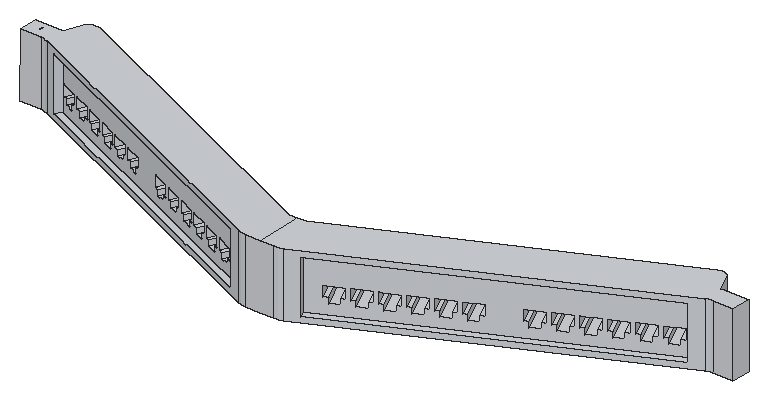
Revit family
Parameters (values of type "TEXT")
  Material ID = "760151324"
  Description = "SYSTIMAX 360 GigaSPEED X10D 1100GS6 Evolve Angled U/UTP Patch Panel, 24 port"
Reference planes (in)
  plane 1 "Center (Front/Back)": y = 0
  plane 2: z = 0
  plane 3 "Center (Left/Right)": x = 0
  plane 4: x = 0
Forms (in)
  Extrusion 1, solid
    sketch origin (0, 0, 0) x (1, 0, 0) y (0, 0, 1)
      loop
        line (0, 1.72) -> (-9.5, 1.72) -> (-9.5, 0) -> (0, 0) -> (9.5, 0) -> (9.5, 1.72) -> (0, 1.72)
    from 0 to 5
  Extrusion 2, void
    sketch origin (0, 0, 0) x (1, 0, 0) y (0, 1, 0)
      loop
        line (0, -3.75) -> (0.22211, -3.75) -> (8.20539, -0.02733)
        arc (8.20539, -0.02733) -> (8.4054, -0.01671) -> (8.56751, -0.13432) r 0.3
        line (8.56751, -0.13432) -> (8.78, -0.59) -> (10.67789, -0.59) -> (10.67789, 1.58554) -> (-10.07211, 1.58554) -> (-10.07211, -0.59) -> (-8.78, -0.59) -> (-8.56751, -0.13432)
        arc (-8.56751, -0.13432) -> (-8.4054, -0.01671) -> (-8.20539, -0.02733) r 0.3
        line (-8.20539, -0.02733) -> (-0.22211, -3.75) -> (0, -3.75)
      loop
        line (0, -5) -> (-0.37185, -5)
        arc (-0.37185, -5) -> (-0.49223, -4.98735) -> (-0.60735, -4.94994) r 0.57899
        line (-0.60735, -4.94994) -> (-8.77297, -1.14225)
        arc (-8.77297, -1.14225) -> (-8.86654, -1.11064) -> (-8.96473, -1.1) r 0.45422
        line (-8.96473, -1.1) -> (-10.07211, -1.1) -> (-10.07211, -6.6) -> (10.67789, -6.6) -> (10.67789, -1.1) -> (8.96473, -1.1)
        arc (8.96473, -1.1) -> (8.86654, -1.11064) -> (8.77297, -1.14225) r 0.45422
        line (8.77297, -1.14225) -> (0.60735, -4.94994)
        arc (0.60735, -4.94994) -> (0.49223, -4.98735) -> (0.37185, -5) r 0.57899
        line (0.37185, -5) -> (0, -5)
    from 0 to 12
  Extrusion 3, void
    sketch origin (-0.5, -5, 0) x (0.906308, -0.422618, 0) y (0, 0, -1)
      loop
        line (-8.78097, -1.575) -> (-0.48097, -1.575) -> (-0.48097, -0.145) -> (-8.78097, -0.145) -> (-8.78097, -1.575)
    from 0 to 0.2
  Extrusion 4, void
    sketch origin (-0.5, -5, 0) x (0.906308, -0.422618, 0) y (0, 0, -1)
      loop
        line (-8.69097, -0.85) -> (-8.20097, -0.85) -> (-8.20097, -0.56) -> (-8.31309, -0.56) -> (-8.31309, -0.416) -> (-8.57884, -0.416) -> (-8.57884, -0.56) -> (-8.69097, -0.56) -> (-8.69097, -0.85)
    from -6.11684 to 3.83475
  Extrusion 5, void
    sketch origin (0.5, -5, 0) x (-0.906308, -0.422618, 0) y (0, 0, 1)
      loop
        line (-8.78097, 1.575) -> (-8.78097, 0.145) -> (-0.48097, 0.145) -> (-0.48097, 1.575) -> (-8.78097, 1.575)
    from 0 to 0.2
  Extrusion 6, void
    sketch origin (0, 0, 0) x (1, 0, 0) y (0, 0, 1)
      loop
        line (-9.23838, 0.095) -> (-9.11238, 0.095)
        arc (-9.11238, 0.095) -> (-8.97238, 0.235) -> (-9.11238, 0.375) r 0.14
        line (-9.11238, 0.375) -> (-9.23838, 0.375)
        arc (-9.23838, 0.375) -> (-9.37838, 0.235) -> (-9.23838, 0.095) r 0.14
      loop
        line (-9.23838, 1.345) -> (-9.11238, 1.345)
        arc (-9.11238, 1.345) -> (-8.97238, 1.485) -> (-9.11238, 1.625) r 0.14
        line (-9.11238, 1.625) -> (-9.23838, 1.625)
        arc (-9.23838, 1.625) -> (-9.37838, 1.485) -> (-9.23838, 1.345) r 0.14
    from -1.65585 to 1.01797
  Extrusion 7, void
    sketch origin (0, 0, 0) x (-1, 0, 0) y (0, 0, -1)
      loop
        arc (-9.23838, -0.095) -> (-9.37838, -0.235) -> (-9.23838, -0.375) r 0.14
        line (-9.23838, -0.375) -> (-9.11238, -0.375)
        arc (-9.11238, -0.375) -> (-8.97238, -0.235) -> (-9.11238, -0.095) r 0.14
        line (-9.11238, -0.095) -> (-9.23838, -0.095)
      loop
        arc (-9.23838, -1.345) -> (-9.37838, -1.485) -> (-9.23838, -1.625) r 0.14
        line (-9.23838, -1.625) -> (-9.11238, -1.625)
        arc (-9.11238, -1.625) -> (-8.97238, -1.485) -> (-9.11238, -1.345) r 0.14
        line (-9.11238, -1.345) -> (-9.23838, -1.345)
    from -1.65585 to 1.01797
  Extrusion 8, void
    sketch origin (0.0425, -5.25297, 0) x (0.906308, -0.422618, 0) y (0, 0, -1)
      loop
        line (-8.69097, -0.85) -> (-8.20097, -0.85) -> (-8.20097, -0.56) -> (-8.31309, -0.56) -> (-8.31309, -0.416) -> (-8.57884, -0.416) -> (-8.57884, -0.56) -> (-8.69097, -0.56) -> (-8.69097, -0.85)
    from -6.11684 to 3.83475
  Extrusion 9, void
    sketch origin (0.58499, -5.50594, 0) x (0.906308, -0.422618, 0) y (0, 0, -1)
      loop
        line (-8.69097, -0.85) -> (-8.20097, -0.85) -> (-8.20097, -0.56) -> (-8.31309, -0.56) -> (-8.31309, -0.416) -> (-8.57884, -0.416) -> (-8.57884, -0.56) -> (-8.69097, -0.56) -> (-8.69097, -0.85)
    from -6.11684 to 3.83475
  Extrusion 10, void
    sketch origin (1.12749, -5.75891, 0) x (0.906308, -0.422618, 0) y (0, 0, -1)
      loop
        line (-8.69097, -0.85) -> (-8.20097, -0.85) -> (-8.20097, -0.56) -> (-8.31309, -0.56) -> (-8.31309, -0.416) -> (-8.57884, -0.416) -> (-8.57884, -0.56) -> (-8.69097, -0.56) -> (-8.69097, -0.85)
    from -6.11684 to 3.83475
  Extrusion 11, void
    sketch origin (1.66998, -6.01188, 0) x (0.906308, -0.422618, 0) y (0, 0, -1)
      loop
        line (-8.69097, -0.85) -> (-8.20097, -0.85) -> (-8.20097, -0.56) -> (-8.31309, -0.56) -> (-8.31309, -0.416) -> (-8.57884, -0.416) -> (-8.57884, -0.56) -> (-8.69097, -0.56) -> (-8.69097, -0.85)
    from -6.11684 to 3.83475
  Extrusion 12, void
    sketch origin (2.21248, -6.26485, 0) x (0.906308, -0.422618, 0) y (0, 0, -1)
      loop
        line (-8.69097, -0.85) -> (-8.20097, -0.85) -> (-8.20097, -0.56) -> (-8.31309, -0.56) -> (-8.31309, -0.416) -> (-8.57884, -0.416) -> (-8.57884, -0.56) -> (-8.69097, -0.56) -> (-8.69097, -0.85)
    from -6.11684 to 3.83475
  Extrusion 13, void
    sketch origin (3.39297, -6.81532, 0) x (0.906308, -0.422618, 0) y (0, 0, -1)
      loop
        line (-8.69097, -0.85) -> (-8.20097, -0.85) -> (-8.20097, -0.56) -> (-8.31309, -0.56) -> (-8.31309, -0.416) -> (-8.57884, -0.416) -> (-8.57884, -0.56) -> (-8.69097, -0.56) -> (-8.69097, -0.85)
    from -6.11684 to 3.83475
  Extrusion 14, void
    sketch origin (3.93546, -7.06829, 0) x (0.906308, -0.422618, 0) y (0, 0, -1)
      loop
        line (-8.69097, -0.85) -> (-8.20097, -0.85) -> (-8.20097, -0.56) -> (-8.31309, -0.56) -> (-8.31309, -0.416) -> (-8.57884, -0.416) -> (-8.57884, -0.56) -> (-8.69097, -0.56) -> (-8.69097, -0.85)
    from -6.11684 to 3.83475
  Extrusion 15, void
    sketch origin (4.47796, -7.32126, 0) x (0.906308, -0.422618, 0) y (0, 0, -1)
      loop
        line (-8.69097, -0.85) -> (-8.20097, -0.85) -> (-8.20097, -0.56) -> (-8.31309, -0.56) -> (-8.31309, -0.416) -> (-8.57884, -0.416) -> (-8.57884, -0.56) -> (-8.69097, -0.56) -> (-8.69097, -0.85)
    from -6.11684 to 3.83475
  Extrusion 16, void
    sketch origin (5.02045, -7.57423, 0) x (0.906308, -0.422618, 0) y (0, 0, -1)
      loop
        line (-8.69097, -0.85) -> (-8.20097, -0.85) -> (-8.20097, -0.56) -> (-8.31309, -0.56) -> (-8.31309, -0.416) -> (-8.57884, -0.416) -> (-8.57884, -0.56) -> (-8.69097, -0.56) -> (-8.69097, -0.85)
    from -6.11684 to 3.83475
  Extrusion 17, void
    sketch origin (5.56295, -7.8272, 0) x (0.906308, -0.422618, 0) y (0, 0, -1)
      loop
        line (-8.69097, -0.85) -> (-8.20097, -0.85) -> (-8.20097, -0.56) -> (-8.31309, -0.56) -> (-8.31309, -0.416) -> (-8.57884, -0.416) -> (-8.57884, -0.56) -> (-8.69097, -0.56) -> (-8.69097, -0.85)
    from -6.11684 to 3.83475
  Extrusion 18, void
    sketch origin (6.10544, -8.08017, 0) x (0.906308, -0.422618, 0) y (0, 0, -1)
      loop
        line (-8.69097, -0.85) -> (-8.20097, -0.85) -> (-8.20097, -0.56) -> (-8.31309, -0.56) -> (-8.31309, -0.416) -> (-8.57884, -0.416) -> (-8.57884, -0.56) -> (-8.69097, -0.56) -> (-8.69097, -0.85)
    from -6.11684 to 3.83475
  Extrusion 19, void
    sketch origin (0.5, -5, 0) x (-0.906308, -0.422618, 0) y (0, 0, 1)
      loop
        line (-8.69097, 0.85) -> (-8.69097, 0.56) -> (-8.57884, 0.56) -> (-8.57884, 0.416) -> (-8.31309, 0.416) -> (-8.31309, 0.56) -> (-8.20097, 0.56) -> (-8.20097, 0.85) -> (-8.69097, 0.85)
    from -6.11684 to 3.83475
  Extrusion 20, void
    sketch origin (-0.04162, -5.25256, 0) x (-0.906308, -0.422618, 0) y (0, 0, 1)
      loop
        line (-8.69097, 0.85) -> (-8.69097, 0.56) -> (-8.57884, 0.56) -> (-8.57884, 0.416) -> (-8.31309, 0.416) -> (-8.31309, 0.56) -> (-8.20097, 0.56) -> (-8.20097, 0.85) -> (-8.69097, 0.85)
    from -6.11684 to 3.83475
  Extrusion 21, void
    sketch origin (-0.58323, -5.50512, 0) x (-0.906308, -0.422618, 0) y (0, 0, 1)
      loop
        line (-8.69097, 0.85) -> (-8.69097, 0.56) -> (-8.57884, 0.56) -> (-8.57884, 0.416) -> (-8.31309, 0.416) -> (-8.31309, 0.56) -> (-8.20097, 0.56) -> (-8.20097, 0.85) -> (-8.69097, 0.85)
    from -6.11684 to 3.83475
  Extrusion 22, void
    sketch origin (-1.12485, -5.75768, 0) x (-0.906308, -0.422618, 0) y (0, 0, 1)
      loop
        line (-8.69097, 0.85) -> (-8.69097, 0.56) -> (-8.57884, 0.56) -> (-8.57884, 0.416) -> (-8.31309, 0.416) -> (-8.31309, 0.56) -> (-8.20097, 0.56) -> (-8.20097, 0.85) -> (-8.69097, 0.85)
    from -6.11684 to 3.83475
  Extrusion 23, void
    sketch origin (-1.66647, -6.01024, 0) x (-0.906308, -0.422618, 0) y (0, 0, 1)
      loop
        line (-8.69097, 0.85) -> (-8.69097, 0.56) -> (-8.57884, 0.56) -> (-8.57884, 0.416) -> (-8.31309, 0.416) -> (-8.31309, 0.56) -> (-8.20097, 0.56) -> (-8.20097, 0.85) -> (-8.69097, 0.85)
    from -6.11684 to 3.83475
  Extrusion 24, void
    sketch origin (-2.20809, -6.2628, 0) x (-0.906308, -0.422618, 0) y (0, 0, 1)
      loop
        line (-8.69097, 0.85) -> (-8.69097, 0.56) -> (-8.57884, 0.56) -> (-8.57884, 0.416) -> (-8.31309, 0.416) -> (-8.31309, 0.56) -> (-8.20097, 0.56) -> (-8.20097, 0.85) -> (-8.69097, 0.85)
    from -6.11684 to 3.83475
  Extrusion 25, void
    sketch origin (-3.39985, -6.81853, 0) x (-0.906308, -0.422618, 0) y (0, 0, 1)
      loop
        line (-8.69097, 0.85) -> (-8.69097, 0.56) -> (-8.57884, 0.56) -> (-8.57884, 0.416) -> (-8.31309, 0.416) -> (-8.31309, 0.56) -> (-8.20097, 0.56) -> (-8.20097, 0.85) -> (-8.69097, 0.85)
    from -6.11684 to 3.83475
  Extrusion 26, void
    sketch origin (-3.94147, -7.07109, 0) x (-0.906308, -0.422618, 0) y (0, 0, 1)
      loop
        line (-8.69097, 0.85) -> (-8.69097, 0.56) -> (-8.57884, 0.56) -> (-8.57884, 0.416) -> (-8.31309, 0.416) -> (-8.31309, 0.56) -> (-8.20097, 0.56) -> (-8.20097, 0.85) -> (-8.69097, 0.85)
    from -6.11684 to 3.83475
  Extrusion 27, void
    sketch origin (-4.48309, -7.32365, 0) x (-0.906308, -0.422618, 0) y (0, 0, 1)
      loop
        line (-8.69097, 0.85) -> (-8.69097, 0.56) -> (-8.57884, 0.56) -> (-8.57884, 0.416) -> (-8.31309, 0.416) -> (-8.31309, 0.56) -> (-8.20097, 0.56) -> (-8.20097, 0.85) -> (-8.69097, 0.85)
    from -6.11684 to 3.83475
  Extrusion 28, void
    sketch origin (-5.0247, -7.57621, 0) x (-0.906308, -0.422618, 0) y (0, 0, 1)
      loop
        line (-8.69097, 0.85) -> (-8.69097, 0.56) -> (-8.57884, 0.56) -> (-8.57884, 0.416) -> (-8.31309, 0.416) -> (-8.31309, 0.56) -> (-8.20097, 0.56) -> (-8.20097, 0.85) -> (-8.69097, 0.85)
    from -6.11684 to 3.83475
  Extrusion 29, void
    sketch origin (-5.56632, -7.82877, 0) x (-0.906308, -0.422618, 0) y (0, 0, 1)
      loop
        line (-8.69097, 0.85) -> (-8.69097, 0.56) -> (-8.57884, 0.56) -> (-8.57884, 0.416) -> (-8.31309, 0.416) -> (-8.31309, 0.56) -> (-8.20097, 0.56) -> (-8.20097, 0.85) -> (-8.69097, 0.85)
    from -6.11684 to 3.83475
  Extrusion 30, void
    sketch origin (-6.10794, -8.08133, 0) x (-0.906308, -0.422618, 0) y (0, 0, 1)
      loop
        line (-8.69097, 0.85) -> (-8.69097, 0.56) -> (-8.57884, 0.56) -> (-8.57884, 0.416) -> (-8.31309, 0.416) -> (-8.31309, 0.56) -> (-8.20097, 0.56) -> (-8.20097, 0.85) -> (-8.69097, 0.85)
    from -6.11684 to 3.83475
Cuts and joins
  Extrusion 2, Extrusion 3, Extrusion 4, Extrusion 5, Extrusion 6, Extrusion 7, Extrusion 8, Extrusion 9, Extrusion 10, Extrusion 11, Extrusion 12, Extrusion 13, Extrusion 14, Extrusion 15, Extrusion 16, Extrusion 17, Extrusion 18, Extrusion 19, Extrusion 20, Extrusion 21, Extrusion 22, Extrusion 23, Extrusion 24, Extrusion 25, Extrusion 26, Extrusion 27, Extrusion 28, Extrusion 29, Extrusion 30 cuts Extrusion 1
Dimensions and locks (in)
  equal spacing: group 1, group 2, group 3, group 4, group 5, group 6  (x2)
  equal spacing: group 6, group 5, group 4, group 3, group 2, group 1
  equal spacing: group 18, group 17, group 16, group 15, group 14, group 13  (x2)
  equal spacing: group 13, group 14, group 15, group 16, group 17, group 18
  aligned and locked: level to Extrusion 1 sketch curve
